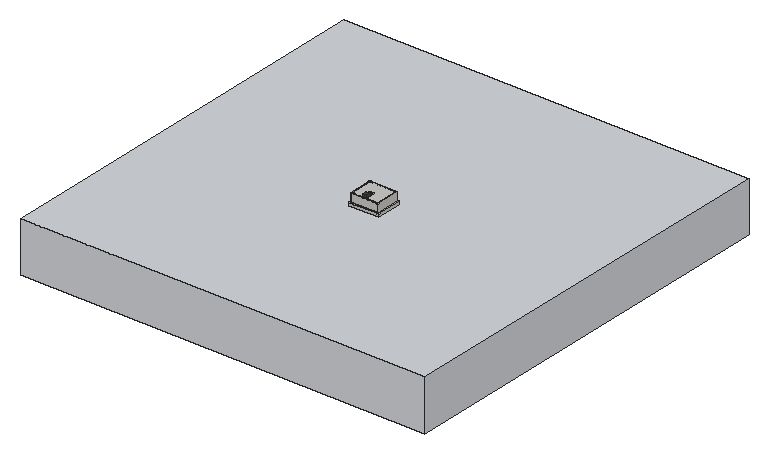
Revit family
Parameters (values of type "B-4112")
  Width = 0' - 7"
  URL = "www.bobrick.com"
  Type Comments = ""
  Product Page URL = ""
  Model = "B-4112"
  Manufacturer = "Bobrick Washroom Equipment, Inc."
  Length = 0' - 6 1/8"
  Finish Material = Stainless Steel-Bobrick
  Description = "Contura Series Surface Mounted Soap Dispenser"
  Default Elevation = 4' - 0"
  Assembly Code = "C1030210"
  ADA Compliant = yes
Reference planes (in)
  plane 1 "Center (Front/Back)": y = 0
  plane 2: z = 0
  plane 3 "Center (Left/Right)": x = 0
  plane 4: y = -6.125
  plane 5: x = -3.5
  plane 6: x = 3.5
  plane 7 "Front": z = 2.75
  plane 8: y = -0.5
  plane 9: y = -0.3125
  plane 10: y = -0.25
  plane 11: y = -0.0625
  plane 12: z = 2.6875
  plane 13: z = 0.6875
  plane 14: z = 0.75
  plane 15: y = -4.125
  plane 16: y = -3.75
  plane 17: y = -4.5
  plane 18: y = -5.75
  plane 19: y = -5
  plane 20: x = 0.375
  plane 21: x = -0.375
  plane 22: z = 3
  plane 23: x = 0.5
  plane 24: x = -0.5
  plane 25: y = -4.874285
  plane 26: y = -5.875
  plane 27: z = 3.5
  plane 28: y = -0.25
  plane 29: x = -3.25
  plane 30: x = 3.25
  plane 31: x = -0.5
  plane 32: x = 0.5
  plane 33: x = 0.375
  plane 34: x = -0.375
  plane 35: y = -3.875
  plane 36: y = -4.375
Forms (in)
  Extrusion 1, solid
    sketch origin (0, 0, 0) x (1, 0, 0) y (0, 1, 0)
      loop
        line (-48, 48) -> (-48, -48) -> (48, -48) -> (48, 48) -> (-48, 48)
    from 0 to -12
  Sweep 2, solid, material "Stainless Steel-Bobrick" <- "Finish Material"
    path origin (0, 0, 0) x (1, 0, 0) y (0, 1, 0)
      loop
        line (-3.5, -6.125) -> (3.5, -6.125) -> (3.5, 0) -> (-3.5, 0) -> (-3.5, -6.125)
    profile origin (0, 0, 0) x (0, 1, 0) y (0, 0, 1)
      loop
        line (0, 0) -> (0, 0.625)
        arc (0, 0.625) -> (-0.0366117, 0.7133883) -> (-0.125, 0.75) r 0.125
        line (-0.125, 0.75) -> (-0.25, 0.75) -> (-0.25, 2.625)
        arc (-0.25, 2.625) -> (-0.2866117, 2.7133883) -> (-0.375, 2.75) r 0.125
        line (-0.375, 2.75) -> (-0.5, 2.75) -> (-0.5, 2.6875) -> (-0.375, 2.6875)
        arc (-0.375, 2.6875) -> (-0.3308058, 2.6691942) -> (-0.3125, 2.625) r 0.0625
        line (-0.3125, 2.625) -> (-0.3125, 0.6875) -> (-0.125, 0.6875)
        arc (-0.125, 0.6875) -> (-0.0808058, 0.6691942) -> (-0.0625, 0.625) r 0.0625
        line (-0.0625, 0.625) -> (-0.0625, 0) -> (0, 0)
  Extrusion 3, solid, material "Stainless Steel-Bobrick" <- "Finish Material"
    sketch origin (0, 0, 0) x (1, 0, 0) y (0, 1, 0)
      loop
        line (-3, -0.5) -> (-3, -5.625) -> (3, -5.625) -> (3, -0.5) -> (-3, -0.5)
    from 2.6875 to 2.75
  Extrusion 4, solid, material "Glass-Bobrick-Soap Dispenser"
    sketch origin (0, 0, 2.75) x (-1, 0, 0) y (0, -1, 0)
      loop
        line (0.375, 3.875) -> (0.375, 4.375) -> (-0.375, 4.375) -> (-0.375, 3.875) -> (0.375, 3.875)
    from 0.1747304 to 0.25
  Extrusion 5, solid, material "Plastic-Bobrick-Soap Dispenser-Black"
    sketch origin (0, 0, 2.75) x (-1, 0, 0) y (0, -1, 0)
      loop
        line (0.375, 5) -> (0.375, 5.75) -> (-0.375, 5.75) -> (-0.375, 5) -> (0.375, 5)
    from 0 to 0.25
  Extrusion 6, solid, material "Plastic-Bobrick-Soap Dispenser-Black"
    sketch origin (0, 0, 2.75) x (-1, 0, 0) y (0, -1, 0)
      loop
        line (0.5, 4.874285) -> (0.5, 5.875) -> (-0.5, 5.875) -> (-0.5, 4.874285) -> (0.5, 4.874285)
    from 0.25 to 0.75
  Extrusion 7, solid, material "Stainless Steel-Bobrick" <- "Finish Material"
    sketch origin (0, 0, 2.75) x (-1, 0, 0) y (0, -1, 0)
      loop
        line (0.5, 3.75) -> (0.5, 4.5) -> (-0.5, 4.5) -> (-0.5, 3.75) -> (0.5, 3.75)
      loop
        line (0.375, 3.875) -> (0.375, 4.375) -> (-0.375, 4.375) -> (-0.375, 3.875) -> (0.375, 3.875)
    from 0 to 0.25
Cuts and joins
  joined: Sweep 2, Extrusion 3
Lines and regions (in)
  Masking region 1
    outline origin (0, 0, 2.75) x (-1, 0, 0) y (0, -1, 0)
      loop
        line (3.5016648, -0.0017139) -> (3.5016648, 6.1267139) -> (-3.5016648, 6.1267139) -> (-3.5016648, -0.0017139) -> (3.5016648, -0.0017139)
  Masking region 2
    outline origin (0, 0, 0) x (0, 1, 0) y (0, 0, 1)
      loop
        line (0, 0) -> (0, 0.625)
        arc (0, 0.625) -> (-0.0366117, 0.7133883) -> (-0.125, 0.75) r 0.125
        line (-0.125, 0.75) -> (-0.25, 0.75) -> (-0.25, 2.625)
        arc (-0.25, 2.625) -> (-0.2866117, 2.7133883) -> (-0.375, 2.75) r 0.125
        line (-0.375, 2.75) -> (-3.75, 2.75) -> (-3.75, 2.9380097)
        arc (-3.75, 2.9380097) -> (-3.7681565, 2.9818435) -> (-3.8119903, 3) r 0.0619903
        line (-3.8119903, 3) -> (-4.4364843, 3)
        arc (-4.4364843, 3) -> (-4.4813967, 2.9813967) -> (-4.5, 2.9364843) r 0.0635157
        line (-4.5, 2.9364843) -> (-4.5, 2.75) -> (-5, 2.75) -> (-5, 3) -> (-4.874285, 3) -> (-4.874285, 3.5) -> (-5.875, 3.5) -> (-5.875, 3) -> (-5.75, 3) -> (-5.75, 2.75)
        arc (-5.75, 2.75) -> (-5.8383883, 2.7133883) -> (-5.875, 2.625) r 0.125
        line (-5.875, 2.625) -> (-5.875, 0.75) -> (-6, 0.75)
        arc (-6, 0.75) -> (-6.0883883, 0.7133883) -> (-6.125, 0.625) r 0.125
        line (-6.125, 0.625) -> (-6.125, 0) -> (0, 0)
  Masking region 3
    outline origin (0, 0, 0) x (1, 0, 0) y (0, 0, 1)
      loop
        line (3.5, 0) -> (3.5, 0.6343119)
        spline (3.5, 0.6343119) -> (3.4953651, 0.6523113) -> (3.4892619, 0.6694198) -> (3.4817785, 0.6853904) -> (3.4730231, 0.6999924) -> (3.4631221, 0.7130147) -> (3.4522186, 0.7242692) -> (3.4404701, 0.7335933) -> (3.4280464, 0.7408523) -> (3.415127, 0.7459414) -> (3.4018984, 0.7487869) -> (3.3885519, 0.7493478) -> (3.3752803, 0.747616)
        line (3.3752803, 0.747616) -> (3.25, 0.747616) -> (3.25, 2.6343119)
        spline (3.25, 2.6343119) -> (3.2459202, 2.6504653) -> (3.2406565, 2.6659258) -> (3.23427, 2.6805142) -> (3.2268345, 2.6940617) -> (3.2184363, 2.7064111) -> (3.2091727, 2.7174196) -> (3.1991509, 2.7269594) -> (3.1884871, 2.7349201) -> (3.1773048, 2.7412096) -> (3.1657336, 2.7457548) -> (3.1539075, 2.7485031) -> (3.1419635, 2.7494228)
        line (3.1419635, 2.7494228) -> (-3.142329, 2.75)
        spline (-3.142329, 2.75) -> (-3.1544536, 2.748513) -> (-3.1664195, 2.7457939) -> (-3.1780894, 2.7412968) -> (-3.1893296, 2.7350731) -> (-3.2000113, 2.7271942) -> (-3.210012, 2.7177505) -> (-3.2192172, 2.7068501) -> (-3.2275212, 2.6946179) -> (-3.234829, 2.6811942) -> (-3.2410568, 2.6667329) -> (-3.2461332, 2.6513996) -> (-3.25, 2.6353702)
        line (-3.25, 2.6353702) -> (-3.25, 0.747616) -> (-3.3752334, 0.747616)
        spline (-3.3752334, 0.747616) -> (-3.388774, 0.749345) -> (-3.4023407, 0.7488032) -> (-3.4157394, 0.7459985) -> (-3.4287783, 0.740971) -> (-3.4412708, 0.7337925) -> (-3.4530383, 0.7245659) -> (-3.4639123, 0.7134232) -> (-3.4737372, 0.7005238) -> (-3.4823725, 0.6860523) -> (-3.4896945, 0.6702157) -> (-3.4955985, 0.6532407) -> (-3.5, 0.6353702)
        line (-3.5, 0.6353702) -> (-3.5, 0) -> (3.5, 0)
  symbolic lines, style "Soap Dispenser"
    curve 1: line (-3.25, -0.25, 2.75) -> (3.25, -0.25, 2.75)
    curve 2: line (-3.25, -5.875, 2.75) -> (-3.25, -0.25, 2.75)
    curve 3: line (3.25, -5.875, 2.75) -> (-3.25, -5.875, 2.75)
    curve 4: line (3.25, -0.25, 2.75) -> (3.25, -5.875, 2.75)
    curve 5: line (-0.5, -5.875, 2.75) -> (-0.5, -4.874285, 2.75)
    curve 6: line (-0.5, -4.874285, 2.75) -> (0.5, -4.874285, 2.75)
    curve 7: line (0.5, -4.874285, 2.75) -> (0.5, -5.875, 2.75)
    curve 8: line (0, -3.75, 2.75) -> (0, -4.5, 2.75)
    curve 9: line (0, -5, 2.75) -> (0, -5.75, 2.75)
    curve 10: line (0, -5, 3) -> (0, -5.75, 3)
    curve 11: line (0, -0.25, 0.75) -> (0, -5.875, 0.75)
    curve 12: line (3.25, 0, 0.747616) -> (-3.25, 0, 0.747616)
    curve 13: line (-0.5, -3.0081719, 0) -> (0.5, -3.0081719, 0)
    curve 14: line (-0.5, -4.5, 0) -> (-0.5, -3.0081719, 0)
    curve 15: line (0.5, -4.5, 0) -> (-0.5, -4.5, 0)
    curve 16: line (0.5, -3.0081719, 0) -> (0.5, -4.5, 0)
    curve 17: line (-0.375, -3.0688122, 0) -> (0.375, -3.0688122, 0)
    curve 18: line (-0.375, -4.375, 0) -> (-0.375, -3.0688122, 0)
    curve 19: line (0.375, -4.375, 0) -> (-0.375, -4.375, 0)
    curve 20: line (0.375, -3.0688122, 0) -> (0.375, -4.375, 0)
Dimensions and locks (in)
  equal spacing: plane 5, plane 3 "Center (Left/Right)", plane 6
  "Width": plane 5 to plane 6
  "Length": plane 4 to plane 1 "Center (Front/Back)"
  locked: plane 7 "Front" to level at 2.75
  plane 1 "Center (Front/Back)" to plane 4 = 0' - 6 1/8"
  locked: plane 13 to level at 0.6875
  locked: plane 13 to plane 14 at 0.0625
  locked: plane 14 to plane 12 at 1.9375
  locked: plane 1 "Center (Front/Back)" to plane 11 at 0.0625
  locked: plane 11 to plane 10 at 0.1875
  locked: plane 10 to plane 9 at 0.0625
  locked: plane 9 to plane 8 at 0.1875
  locked: plane 15 to plane 4 at 2
  equal spacing: plane 17, plane 15, plane 16
  locked: plane 17 to plane 16 at 0.75
  locked: plane 18 to plane 4 at 0.375
  locked: plane 19 to plane 18 at 0.75
  equal spacing: plane 21, plane 3 "Center (Left/Right)", plane 20
  locked: plane 21 to plane 20 at 0.75
  locked: plane 22 to plane 7 "Front" at 0.25
  locked: plane 18 to plane 26 at 0.125
  locked: plane 25 to plane 19 at 0.125715
  locked: plane 24 to plane 21 at 0.125
  locked: plane 20 to plane 23 at 0.125
  locked: plane 27 to plane 22 at 0.5
  locked: plane 1 "Center (Front/Back)" to plane 28 at 0.25
  locked: plane 29 to plane 5 at 0.25
  locked: plane 30 to plane 6 at 0.25
  plane 31 to plane 3 "Center (Left/Right)" to plane 32 = 0' - 0 1/2" locked, 0' - 0 1/2" locked
  locked: plane 31 to plane 34 at 0.125
  locked: plane 33 to plane 32 at 0.125
  locked: plane 16 to plane 35 at 0.125
  locked: plane 17 to plane 36 at 0.125
  locked: plane 22 to Extrusion 4 at 0.0752696
  aligned and locked: plane 2 to Extrusion 1
  aligned and locked: level to Extrusion 1
  aligned and locked: plane 1 "Center (Front/Back)" to Sweep 2 sketch curve  (x2)
  aligned and locked: plane 6 to Sweep 2 sketch curve
  aligned and locked: plane 4 to Sweep 2 sketch curve
  aligned and locked: plane 5 to Sweep 2 sketch curve
  aligned and locked: Sweep 2 sketch curve to plane 8
  aligned and locked: Sweep 2 sketch curve to plane 7 "Front"
  aligned and locked: plane 12 to Sweep 2 sketch curve
  aligned and locked: plane 9 to Sweep 2 sketch curve
  aligned and locked: plane 10 to Sweep 2 sketch curve
  aligned and locked: plane 14 to Sweep 2 sketch curve
  aligned and locked: plane 13 to Sweep 2 sketch curve
  aligned and locked: plane 11 to Sweep 2 sketch curve
  aligned and locked: Sweep 2 sketch curve to level
  aligned and locked: Extrusion 3 sketch curve to Sweep 2  (x4)
  aligned and locked: Sweep 2 to Extrusion 3
  aligned and locked: plane 7 "Front" to Extrusion 3
  aligned and locked: Extrusion 5 sketch curve to plane 19
  aligned and locked: plane 21 to Extrusion 5 sketch curve
  aligned and locked: plane 18 to Extrusion 5 sketch curve
  aligned and locked: Extrusion 5 sketch curve to plane 20
  aligned and locked: plane 22 to Extrusion 5
  aligned and locked: Extrusion 5 to plane 7 "Front"
  aligned and locked: Extrusion 6 sketch curve to plane 25
  aligned and locked: plane 24 to Extrusion 6 sketch curve
  aligned and locked: plane 26 to Extrusion 6 sketch curve
  aligned and locked: Extrusion 6 sketch curve to plane 23
  aligned and locked: Extrusion 6 to Extrusion 5
  aligned and locked: plane 27 to Extrusion 6
  aligned and locked: Masking region 1 sketch curve to cut or joined group of Sweep 2, Extrusion 3  (x4)
  aligned and locked: curve 1 to plane 28
  aligned and locked: curve 2 to plane 29
  aligned and locked: plane 26 to curve 3
  aligned and locked: curve 4 to plane 30
  aligned and locked: plane 23 to Extrusion 6
  aligned and locked: plane 25 to Extrusion 6
  aligned and locked: Extrusion 6 to plane 24
  aligned and locked: Masking region 2 sketch curve to cut or joined group of Sweep 2, Extrusion 3  (x5)
  aligned and locked: plane 4 to Masking region 2 sketch curve
  aligned and locked: plane 1 "Center (Front/Back)" to Masking region 2 sketch curve
  aligned and locked: Masking region 2 sketch curve to Extrusion 1
  aligned and locked: Masking region 2 sketch curve to Extrusion 6
  aligned and locked: Masking region 2 sketch curve to plane 25
  aligned and locked: plane 22 to Masking region 2 sketch curve  (x2)
  aligned and locked: plane 18 to Masking region 2 sketch curve
  aligned and locked: Masking region 2 sketch curve to plane 19
  aligned and locked: plane 17 to Masking region 2 sketch curve
  aligned and locked: Masking region 2 sketch curve to plane 16
  aligned and locked: plane 7 "Front" to Masking region 2 sketch curve
  aligned and locked: plane 16 to curve 8
  aligned and locked: plane 17 to curve 8
  aligned and locked: curve 8 to plane 7 "Front"
  aligned and locked: plane 19 to curve 9
  aligned and locked: plane 18 to curve 9
  aligned and locked: curve 9 to plane 7 "Front"
  aligned and locked: plane 19 to curve 10
  aligned and locked: plane 18 to curve 10
  aligned and locked: curve 10 to plane 22
  aligned and locked: plane 28 to curve 11
  aligned and locked: plane 26 to curve 11
  aligned and locked: curve 11 to cut or joined group of Sweep 2, Extrusion 3
  aligned and locked: Masking region 3 sketch curve to plane 6
  aligned and locked: Masking region 3 sketch curve to plane 30
  aligned and locked: plane 7 "Front" to Masking region 3 sketch curve
  aligned and locked: plane 29 to Masking region 3 sketch curve
  aligned and locked: plane 5 to Masking region 3 sketch curve
  aligned and locked: Extrusion 1 to Masking region 3 sketch curve
  aligned and locked: Masking region 3 to curve 12
  aligned and locked: plane 30 to curve 12
  aligned and locked: curve 12 to plane 29
  aligned and locked: Extrusion 7 sketch curve to plane 16
  aligned and locked: Extrusion 7 sketch curve to plane 31
  aligned and locked: Extrusion 7 sketch curve to plane 17
  aligned and locked: plane 32 to Extrusion 7 sketch curve
  aligned and locked: Extrusion 7 sketch curve to plane 35
  aligned and locked: plane 34 to Extrusion 7 sketch curve
  aligned and locked: Extrusion 7 sketch curve to plane 36
  aligned and locked: plane 33 to Extrusion 7 sketch curve
  aligned and locked: plane 22 to Extrusion 7
  aligned and locked: Extrusion 7 to plane 7 "Front"
  aligned and locked: Extrusion 6 to Extrusion 4
  aligned and locked: curve 15 to plane 17
  aligned and locked: curve 16 to plane 32
  aligned and locked: Extrusion 6 to plane 32
  aligned and locked: plane 31 to Extrusion 6
  aligned and locked: curve 6 to plane 25
  aligned and locked: Extrusion 6 to plane 26
  aligned and locked: Extrusion 4 to Extrusion 7  (x3)
  aligned and locked: Extrusion 5 to Extrusion 4
Automatic sketch dimensions
  Extrusion 1 sketch curve to Extrusion 1 sketch curve = 8' - 0"  (x2)
  Sweep 2 sketch curve to Sweep 2 sketch curve = 0' - 0"  (x2)
  plane 9 to Sweep 2 sketch curve = 0' - 0 1/16"
  plane 11 to Sweep 2 sketch curve = 0' - 0 1/16"
  curve 6 to plane 23 = 0' - 0"
  curve 5 to plane 24 = 0' - 0"
  Masking region 2 sketch curve to plane 26 = 0' - 0"
  Masking region 2 sketch curve to plane 17 = 0' - 0.06352"
  Masking region 2 sketch curve to plane 16 = 0' - 0.06199"
  plane 5 to Masking region 3 sketch curve = 0' - 0.10586"
  plane 5 to Masking region 3 sketch curve = 0' - 0.1094"
  Masking region 3 sketch curve to Masking region 3 sketch curve = 0' - 0.0189"
  Masking region 3 sketch curve to plane 7 "Front" = 0' - 0.0006"  (x2)
  Masking region 3 sketch curve to plane 29 = 0' - 0.10586"
  Masking region 3 sketch curve to Masking region 3 sketch curve = 0' - 0.00181"
  Masking region 3 sketch curve to Masking region 3 sketch curve = 0' - 0"  (x2)
  Masking region 3 sketch curve to plane 29 = 0' - 0.1094"
  Masking region 3 sketch curve to plane 30 = 0' - 0.10973"
  Masking region 3 sketch curve to Masking region 3 sketch curve = 0' - 0.00169"
  Masking region 3 sketch curve to plane 30 = 0' - 0.10627"
  plane 6 to Masking region 3 sketch curve = 0' - 0.12472"
  Masking region 3 sketch curve to Masking region 3 sketch curve = 0' - 0.01499"
  plane 6 to Masking region 3 sketch curve = 0' - 0.10627"
  level to Masking region 3 sketch curve = 0' - 0.59066"  (x2)
  Masking region 3 sketch curve to Masking region 3 sketch curve = 0' - 0.04365"  (x2)
  Masking region 3 sketch curve to Masking region 3 sketch curve = 0' - 0.04471"
  Masking region 3 sketch curve to plane 7 "Front" = 0' - 0.11463"
  curve 18 to plane 21 = 0' - 0"
  curve 17 to plane 20 = 0' - 0"
  plane 36 to curve 19 = 0' - 0"
  plane 16 to curve 17 = 0' - 0.68119"
  plane 22 to Masking region 2 sketch curve = 0' - 0"
  curve 15 to plane 24 = 0' - 0"
  curve 17 to curve 14 = 0' - 0.06064"
  plane 20 to Extrusion 4 sketch curve = 0' - 0"
  plane 21 to Extrusion 4 sketch curve = 0' - 0"
  plane 35 to Extrusion 4 sketch curve = 0' - 0"
  Extrusion 4 sketch curve to plane 36 = 0' - 0"
